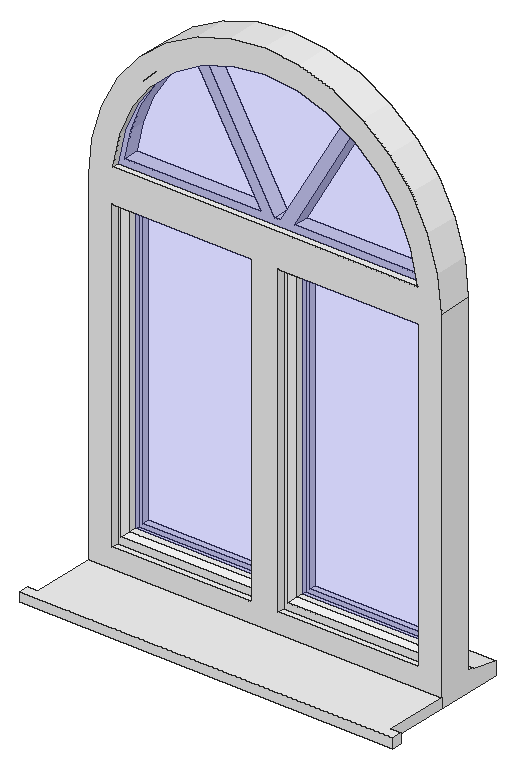
Revit family "764d20b72a4340a2bb9dbd4bd4aadc63", category Windows, host Wall, Revit 2025
Family settings
  Host = Wall
  Always vertical = Yes
  Cut with Voids When Loaded = No
  Shared = No
  Room Calculation Point = No
Parameters (values of type "910x910mm")
  Wrap Layers (Ext) from Ext = 102.5 mm
  Wrap Layers (Int) from Ext = 177.5 mm
  Window Board Projection = 25.0 mm
  Window Board Extension = 25.0 mm
  Visual Light Transmittance = 0.9
  Vis - Cavity Closers = yes
  Solar Heat Gain Coefficient = 0.78
  Rough Width = Width  # 910.0 mm
  Rough Height = Height  # 910.0 mm
  Operation = "UserDefined"
  Define Thermal Properties by = Schematic Type
  Construction Type Id = "GSP4R"
  Material Trim = Window Frame
  Material Glass = Glass
  Material Frame = Window Frame
  Manufacturer = "Revit"
  Keynote = "L10"
  Height = 910.0 mm
  Wall Closure = By host
  Width = 910.0 mm
  Heat Transfer Coefficient (U) = 3.6886 W/(m²·K)
  Glazing Thickness = 24.0 mm
  FrameOffset - External = 50.0 mm
  Frame Depth = 68.0 mm
  Default Head Height = 2110.0 mm
  Cill Depth = 87.5 mm
  Cavity Closer Width = 50.0 mm
  Cavity Closer Offset from Ext = 102.5 mm
  Cavity Closer Depth = 85.0 mm
  Analytic Construction = "1/8 in Pilkington single glazing"
Types (7, lengths in mm): name | Rough Width | Rough Height | Height | Width
  (no name) | 910.0 | 910.0 | 910.0 | 910.0
  910x910mm | 910.0 | 910.0 | 910.0 | 910.0
  910x1210mm | 910.0 | 1210.0 | 1210.0 | 910.0
  1360x910mm | 1360.0 | 910.0 | 910.0 | 1360.0
  1360x1210mm | 1360.0 | 1210.0 | 1210.0 | 1360.0
  1810x910mm | 1810.0 | 910.0 | 910.0 | 1810.0
  1810x1210mm | 1810.0 | 1210.0 | 1210.0 | 1810.0
Reference planes
  plane 1: y = 0
  plane 2 "Center (Left/Right)": x = -285
  plane 3 "Left": x = -740
  plane 4 "Right": x = 170
  plane 5 "Cill": z = 1200
  plane 6 "Head": z = 2110
  plane 7 "Exterior": y = 158.457
  plane 8 "Interior": y = -141.543
  plane 9 "Back of Window": y = 40.457
  plane 10 "Wall Closure": y = 55.957
  plane 11 "Front Cill": y = 195.957
  plane 12 "Front Window Board": y = -166.543
  plane 13 "RHS Window Board": x = 195
  plane 14 "LHS Window Board": x = -765
  plane 15 "Ext Leaf Back": y = 55.957
  plane 16 "Face Window": y = 108.457
  plane 17 "C/L window": y = 45.457
  plane 18: z = 1655
  plane 19: y = 22.957
  plane 20: y = 67.957
  plane 21: y = -19.043
Forms (mm)
  Extrusion 1, solid, material "Window Frame" <- "Material Trim", detail levels medium+fine
    sketch origin (0, 0, 1200) x (0, -1, 0) y (-1, 0, 0)
      loop
        line (141.543, 765) -> (141.543, 740) -> (-22.457, 740) -> (-22.457, -170) -> (141.543, -170) -> (141.543, -195) -> (166.543, -195) -> (166.543, 765) -> (141.543, 765)
    from 0 to -25
  Extrusion 2, solid, material "Window Frame" <- "Material Frame"
    sketch origin (-285, 0, 0) x (0, 1, 0) y (0, 0, 1)
      loop
        line (22.457, 1200) -> (195.957, 1200) -> (195.957, 1233.809) -> (123.457, 1246.555) -> (123.457, 1250.271) -> (108.457, 1251) -> (108.457, 1263) -> (40.457, 1263) -> (40.457, 1275) -> (22.457, 1275) -> (22.457, 1200)
    from 455 to -455
  Sweep 3, solid, material "Window Frame" <- "Material Frame"
    path origin (0, 40.457, 0) x (1, 0, 0) y (0, 0, 1)
      loop
        line (-740, 1263) -> (-740, 2110)
        arc (-740, 2110) -> (-285, 2565) -> (170, 2110) r 455
        line (170, 2110) -> (170, 1263)
    profile origin (0, 0, 1686.5) x (-1, 0, 0) y (0, -1, 0)
      loop
        line (740, -22.457) -> (680, -22.457) -> (680, -40.457) -> (700, -40.457) -> (700, -108.457) -> (740, -108.457) -> (740, -22.457)
  Extrusion 4, solid, material "Window Frame" <- "Material Frame"
    sketch origin (-285, 0, 0) x (0, 1, 0) y (0, 0, 1)
      loop
        line (40.457, 2067) -> (40.457, 2085) -> (108.457, 2085) -> (108.457, 2135) -> (40.457, 2135) -> (40.457, 2153) -> (22.457, 2153) -> (22.457, 2067) -> (40.457, 2067)
    from -415 to 415
  Extrusion 5, solid, material "Window Frame" <- "Material Frame"
    sketch origin (0, 0, 1200) x (0, -1, 0) y (-1, 0, 0)
      loop
        line (-22.457, 318) -> (-40.457, 318) -> (-40.457, 300) -> (-108.457, 300) -> (-108.457, 270) -> (-40.457, 270) -> (-40.457, 252) -> (-22.457, 252) -> (-22.457, 318)
    from -885 to -63
  Sweep 6, solid, material "Window Frame" <- "Material Frame"
    path origin (-740, 108.457, 1263) x (0, 0, 1) y (1, 0, 0)
      loop
        line (822, 870) -> (0, 870) -> (0, 470) -> (822, 470) -> (822, 870)
    profile origin (130, 108.457, 1674) x (1, 0, 0) y (0, 1, 0)
      loop
        line (10, 0) -> (10, 5.774) -> (-0.785, 11.547) -> (-22.554, 11.547) -> (-40, 5.774) -> (-40, -12) -> (-30, -12) -> (-30, -36) -> (-40, -36) -> (-40, -53.507) -> (-29.852, -68) -> (0, -68) -> (0, 0) -> (10, 0)
  Sweep 7, solid, material "Window Frame" <- "Material Frame"
    path origin (-740, 108.457, 1263) x (0, 0, 1) y (1, 0, 0)
      loop
        line (822, 440) -> (0, 440) -> (0, 40) -> (822, 40) -> (822, 440)
    profile origin (-700, 108.457, 1674) x (0, 1, 0) y (-1, 0, 0)
      loop
        line (0, 10) -> (0, 0) -> (-68, 0) -> (-68, -29.852) -> (-53.507, -40) -> (-36, -40) -> (-36, -30) -> (-12, -30) -> (-12, -40) -> (5.774, -40) -> (11.547, -22.554) -> (11.547, -0.785) -> (5.774, 10) -> (0, 10)
  Extrusion 8, solid, material "Glass" <- "Material Glass"
    sketch origin (-330, 96.457, 2055) x (-1, 0, 0) y (0, 0, -1)
      loop
        line (0, 0) -> (340, 0) -> (340, 762) -> (0, 762) -> (0, 0)
      loop
        line (-89.852, -0.148) -> (-89.852, 762) -> (-430, 762) -> (-430, -0.148) -> (-89.852, -0.148)
    from 0 to 24 <- "Glazing Thickness"
  Extrusion 9, solid, material "Glass" <- "Material Glass"
    sketch origin (0, 40.457, 0) x (1, 0, 0) y (0, 0, 1)
      loop
        arc (129.246, 2135) -> (-285, 2525) -> (-699.246, 2135) r 415
        line (-699.246, 2135) -> (129.246, 2135)
    from 0 to -24
  Sweep 10, solid, material "Window Frame" <- "Material Frame"
    path origin (0, 90.457, 0) x (1, 0, 0) y (0, 0, 1)
      loop
        line (-699.246, 2135) -> (129.246, 2135)
        arc (129.246, 2135) -> (-285, 2525) -> (-699.246, 2135) r 415
    profile origin (-285, 90.457, 2135) x (0, 0, 1) y (0, -1, 0)
      loop
        line (0, -13) -> (18, -13) -> (18, 26) -> (0, 26) -> (0, -13)
  Extrusion 11, solid, material "Window Frame" <- "Material Frame"
    sketch origin (0, 108.457, 0) x (1, 0, 0) y (0, 0, 1)
      loop
        line (-242.853, 2153) -> (-73.651, 2446.067)
        arc (-73.651, 2446.067) -> (-86.5, 2453.812) -> (-99.632, 2461.067) r 397
        line (-99.632, 2461.067) -> (-277.494, 2153) -> (-242.853, 2153)
      loop
        line (-292.506, 2153) -> (-470.368, 2461.067)
        arc (-470.368, 2461.067) -> (-483.5, 2453.812) -> (-496.349, 2446.067) r 397
        line (-496.349, 2446.067) -> (-327.147, 2153) -> (-292.506, 2153)
    from 5 to 44
Cuts and joins
  joined: Extrusion 2, Sweep 3, Extrusion 4, Extrusion 5
  joined: Sweep 10, Extrusion 11
Lines and regions (mm)
  Opening 1
    outline origin (-5000, -141.543, 0) x (1, 0, 0) y (0, 0, 1)
      loop
        line (5170, 1200) -> (5170, 2110)
        arc (5170, 2110) -> (4715, 2565) -> (4260, 2110) r 455
        line (4260, 2110) -> (4260, 1200) -> (5170, 1200)
  Masking region 1
    outline origin (0, 0, 1200) x (0, -1, 0) y (1, 0, 0)
      loop
        line (-22.457, -740) -> (-22.457, 170) -> (-195.957, 170) -> (-195.957, -740) -> (-22.457, -740)
  Masking region 2, detail levels medium+fine
    outline origin (130, 108.457, 2135) x (-1, 0, 0) y (0, -1, 0)
      loop
        line (870, 86) -> (870, 250) -> (895, 250) -> (895, 275) -> (-65, 275) -> (-65, 250) -> (-40, 250) -> (-40, 86) -> (870, 86)
  symbolic lines, style "Windows"
    curve 1: line (-740, 22.457, 0) -> (170, 22.457, 0)
    curve 2: line (-740, 108.457, 0) -> (-740, 22.457, 0)
    curve 3: line (170, 108.457, 0) -> (-740, 108.457, 0)
    curve 4: line (170, 22.457, 0) -> (170, 108.457, 0)
    curve 5: line (-680, 22.457, 0) -> (-680, 108.457, 0)
    curve 6: line (110, 22.457, 0) -> (110, 108.457, 0)
    curve 7: line (-680, 65.457, 0) -> (110, 65.457, 0)
  symbolic lines, style "Cavity Closer", visible <- "Vis - Cavity Closers", detail levels medium+fine
    curve 8: line (-740, 55.957, 0) -> (-790, 55.957, 0)
    curve 9: line (-740, -29.043, 0) -> (-740, 55.957, 0)
    curve 10: line (-790, -29.043, 0) -> (-740, -29.043, 0)
    curve 11: line (-790, 55.957, 0) -> (-790, -29.043, 0)
    curve 12: line (-740, -29.043, 0) -> (-790, 55.957, 0)
    curve 13: line (-790, -29.043, 0) -> (-740, 55.957, 0)
    curve 14: line (170, 55.957, 0) -> (220, 55.957, 0)
    curve 15: line (170, -29.043, 0) -> (170, 55.957, 0)
    curve 16: line (220, -29.043, 0) -> (170, -29.043, 0)
    curve 17: line (220, 55.957, 0) -> (220, -29.043, 0)
    curve 18: line (170, -29.043, 0) -> (220, 55.957, 0)
    curve 19: line (220, -29.043, 0) -> (170, 55.957, 0)
  symbolic lines, style "WindowsSillHeadProjection"
    curve 20: line (170, 195.957, 0) -> (-740, 195.957, 0)
    curve 21: line (-740, 195.957, 0) -> (-740, 158.457, 0)
    curve 22: line (170, 158.457, 0) -> (170, 195.957, 0)
  symbolic lines, style "InvisibleLines"
    curve 23: line (-285, 0, 2110) -> (-100, 0, 2430.429)
    curve 24: line (-285, 0, 2110) -> (-465, 0, 2421.769)
  symbolic lines, style "Elevation Swing"
    curve 25: line (-230, 0, 2045) -> (90, 0, 1655)
    curve 26: line (90, 0, 1655) -> (-230, 0, 1303)
    curve 27: line (-340, 0, 1303) -> (-660, 0, 1655)
    curve 28: line (-660, 0, 1655) -> (-340, 0, 2045)
Text (mm)
  text "EXTERIOR" at (-1415.209, 454.062, 0), in view "Ref. Level"
  text "INTERIOR" at (-1415.209, -367.981, 0), in view "Ref. Level"
  text "Exterior" at (0, 923.751, 2943.296), in view "Right"
  text "Exterior" at (0, 1040.484, 2685.409), in view "Left"
Dimensions and locks
  equal spacing: plane 3 "Left", plane 2 "Center (Left/Right)", plane 4 "Right"
  "Width": plane 3 "Left" to plane 4 "Right"
  "Height": plane 5 "Cill" to plane 6 "Head"
  "Default Head Height": plane 6 "Head" to level
  locked: plane 7 "Exterior" to host wall
  locked: plane 8 "Interior" to host wall
  "Window Board Projection": plane 12 "Front Window Board" to plane 8 "Interior"
  "Window Board Extension": plane 14 "LHS Window Board" to plane 3 "Left"
  "Window Board Extension": plane 4 "Right" to plane 13 "RHS Window Board"
  "Cavity Closer Offset from Ext": plane 15 "Ext Leaf Back" to plane 7 "Exterior"
  Extrusion 2 sketch curve to Extrusion 2 sketch curve = 12.0 mm
  equal spacing: curve 3, curve 7, curve 1
  "Cavity Closer Depth": curve 8 to curve 10
  "Cavity Closer Width": curve 11 to plane 3 "Left"
  "Cavity Closer Depth": curve 14 to curve 16
  "Cavity Closer Width": plane 4 "Right" to curve 17
  "Cill Depth": plane 16 "Face Window" to plane 11 "Front Cill"
  equal spacing: plane 5 "Cill", plane 18, plane 6 "Head"
  locked: Extrusion 2 sketch curve to plane 9 "Back of Window" at 18
  locked: Extrusion 2 sketch curve to Extrusion 2 sketch curve at 15
  "Cill Depth": Extrusion 2 sketch curve to Extrusion 2 sketch curve
  locked: Sweep 6 sketch curve to Sweep 6 sketch curve at 5.774
  locked: Sweep 6 sketch curve to Sweep 6 sketch curve at 17.774
  "Glazing Thickness": Sweep 6 sketch curve to Sweep 6 sketch curve
  locked: Sweep 6 sketch curve to Sweep 6 sketch curve at 10
  locked: plane 9 "Back of Window" to Sweep 6 sketch curve at 14.493
  locked: Sweep 7 sketch curve to Sweep 7 sketch curve at 5.774
  locked: Sweep 7 sketch curve to Sweep 7 sketch curve at 17.774
  "Glazing Thickness": Sweep 7 sketch curve to Sweep 7 sketch curve
  locked: Sweep 7 sketch curve to Sweep 7 sketch curve at 10
  locked: Sweep 7 sketch curve to Sweep 7 sketch curve at 14.493
  "Glazing Thickness": plane 9 "Back of Window" to Extrusion 9
  "Glazing Thickness": plane 9 "Back of Window" to Sweep 10 sketch curve
  locked: Sweep 10 sketch curve to cut or joined group of Extrusion 2, Sweep 3, Extrusion 4, Extrusion 5 at 5
  "FrameOffset - External": plane 16 "Face Window" to plane 7 "Exterior"
  "Frame Depth": plane 9 "Back of Window" to plane 16 "Face Window"
  equal spacing: Extrusion 11 sketch curve, curve 23, Extrusion 11 sketch curve
  Extrusion 11 sketch curve to Extrusion 11 sketch curve = 30.0 mm  (x2)
  equal spacing: Extrusion 11 sketch curve, curve 24, Extrusion 11 sketch curve
  "Wrap Layers (Ext) from Ext": plane 10 "Wall Closure" to plane 7 "Exterior"
  "Wrap Layers (Int) from Ext": plane 21 to plane 7 "Exterior"
  locked: plane 3 "Left" to curve 5 at 60
  locked: curve 6 to plane 4 "Right" at 60
  locked: plane 3 "Left" to Sweep 3 sketch curve at 40
  locked: Sweep 3 sketch curve to Sweep 3 sketch curve at 20
  equal spacing: Extrusion 4 sketch curve, plane 6 "Head", Extrusion 4 sketch curve
  locked: Extrusion 4 sketch curve to Extrusion 4 sketch curve at 50
  locked: curve 23 to plane 6 "Head" (angle 60.00°)
  locked: plane 6 "Head" to curve 24 (angle 60.00°)
  aligned and locked: plane 3 "Left" to Extrusion 1 sketch curve
  aligned and locked: Extrusion 1 sketch curve to plane 8 "Interior"  (x2)
  aligned and locked: Extrusion 1 sketch curve to plane 13 "RHS Window Board"
  aligned and locked: Extrusion 1 to plane 12 "Front Window Board"
  aligned and locked: plane 14 "LHS Window Board" to Extrusion 1 sketch curve
  aligned and locked: Extrusion 2 sketch curve to plane 5 "Cill"
  aligned and locked: plane 3 "Left" to Extrusion 2
  aligned and locked: Extrusion 2 to plane 4 "Right"
  aligned and locked: plane 3 "Left" to nested 1
  aligned and locked: curve 9 to plane 3 "Left"
  aligned and locked: plane 4 "Right" to nested 2
  aligned and locked: curve 15 to plane 4 "Right"
  aligned and locked: Sweep 3 sketch curve to plane 9 "Back of Window"
  aligned and locked: plane 9 "Back of Window" to Extrusion 2 sketch curve
  aligned and locked: curve 20 to cut or joined group of Extrusion 2, Sweep 3, Extrusion 4, Extrusion 5
  aligned and locked: curve 21 to cut or joined group of Extrusion 2, Sweep 3, Extrusion 4, Extrusion 5
  aligned and locked: cut or joined group of Extrusion 2, Sweep 3, Extrusion 4, Extrusion 5 to curve 22
  aligned and locked: host wall to curve 22
  aligned and locked: Extrusion 4 sketch curve to plane 9 "Back of Window"  (x2)
  aligned and locked: cut or joined group of Extrusion 2, Sweep 3, Extrusion 4, Extrusion 5 to Extrusion 4 sketch curve  (x2)
  aligned and locked: Extrusion 4 to cut or joined group of Extrusion 2, Sweep 3, Extrusion 4, Extrusion 5
  aligned and locked: Extrusion 5 sketch curve to Extrusion 5 sketch curve
  aligned and locked: plane 9 "Back of Window" to Extrusion 5 sketch curve
  aligned and locked: Extrusion 5 sketch curve to cut or joined group of Extrusion 2, Sweep 3, Extrusion 4, Extrusion 5  (x2)
  aligned and locked: Extrusion 5 to cut or joined group of Extrusion 2, Sweep 3, Extrusion 4, Extrusion 5
  aligned and locked: Sweep 6 sketch curve to Sweep 6 sketch curve
  aligned and locked: plane 9 "Back of Window" to Sweep 6 sketch curve
  aligned and locked: Sweep 7 sketch curve to Sweep 7 sketch curve
  aligned and locked: plane 9 "Back of Window" to Sweep 7 sketch curve
  aligned and locked: cut or joined group of Extrusion 2, Sweep 3, Extrusion 4, Extrusion 5 to Extrusion 9 sketch curve
  aligned and locked: Sweep 10 sketch curve to cut or joined group of Extrusion 2, Sweep 3, Extrusion 4, Extrusion 5  (x2)
  aligned and locked: cut or joined group of Extrusion 2, Sweep 3, Extrusion 4, Extrusion 5 to Sweep 10 sketch curve
  aligned and locked: Extrusion 11 sketch curve to Sweep 10
  aligned and locked: Sweep 10 to Extrusion 11 sketch curve
  aligned and locked: Extrusion 11 to Extrusion 9
  aligned and locked: Extrusion 11 to Sweep 10
  aligned and locked: Extrusion 11 sketch curve to cut or joined group of Sweep 10, Extrusion 11
  aligned and locked: curve 1 to cut or joined group of Extrusion 2, Sweep 3, Extrusion 4, Extrusion 5
  aligned and locked: cut or joined group of Extrusion 2, Sweep 3, Extrusion 4, Extrusion 5 to curve 3
  aligned and locked: Opening 1 sketch curve to cut or joined group of Extrusion 2, Sweep 3, Extrusion 4, Extrusion 5
  aligned and locked: plane 15 "Ext Leaf Back" to nested 2
  aligned and locked: curve 14 to plane 15 "Ext Leaf Back"
  aligned and locked: nested 1 to plane 15 "Ext Leaf Back"
  aligned and locked: plane 15 "Ext Leaf Back" to curve 8
  aligned and locked: Masking region 1 sketch curve to plane 3 "Left"
  aligned and locked: Masking region 1 sketch curve to cut or joined group of Extrusion 2, Sweep 3, Extrusion 4, Extrusion 5
  aligned and locked: Masking region 1 sketch curve to plane 4 "Right"
  aligned and locked: Masking region 1 sketch curve to Extrusion 1
  aligned and locked: Extrusion 9 sketch curve to cut or joined group of Extrusion 2, Sweep 3, Extrusion 4, Extrusion 5
  aligned and locked: Sweep 3 sketch curve to plane 4 "Right"
  aligned and locked: cut or joined group of Extrusion 2, Sweep 3, Extrusion 4, Extrusion 5 to cut or joined group of Extrusion 2, Sweep 3, Extrusion 4, Extrusion 5  (x2)
  aligned and locked: plane 3 "Left" to Sweep 3 sketch curve
  aligned and locked: Masking region 2 sketch curve to plane 3 "Left"
  aligned and locked: plane 8 "Interior" to Masking region 2 sketch curve  (x2)
  aligned and locked: plane 13 "RHS Window Board" to Masking region 2 sketch curve
  aligned and locked: Masking region 2 sketch curve to plane 14 "LHS Window Board"
  aligned and locked: Masking region 2 sketch curve to plane 12 "Front Window Board"
Automatic sketch dimensions
  Extrusion 1 sketch curve to plane 4 "Right" = 0.0 mm
  plane 9 "Back of Window" to Extrusion 1 sketch curve = 18.0 mm
  Extrusion 1 sketch curve to plane 12 "Front Window Board" = 0.0 mm
  Sweep 3 sketch curve to profile plane = 0.0 mm
  plane 9 "Back of Window" to Sweep 3 sketch curve = 18.0 mm
  Extrusion 2 sketch curve to plane 5 "Cill" = 33.809 mm
  Extrusion 2 sketch curve to plane 5 "Cill" = 46.555 mm
  Extrusion 2 sketch curve to Extrusion 2 sketch curve = 3.716 mm
  Extrusion 2 sketch curve to Extrusion 2 sketch curve = 0.729 mm
  Extrusion 2 sketch curve to Extrusion 2 sketch curve = 12.0 mm
  Sweep 3 sketch curve to plane 6 "Head" = 0.0 mm
  Sweep 3 sketch curve to plane 5 "Cill" = 63.0 mm  (x2)
  plane 6 "Head" to Extrusion 4 sketch curve = 43.0 mm
  Extrusion 4 sketch curve to Extrusion 4 sketch curve = 18.0 mm
  Extrusion 5 sketch curve to plane 2 "Center (Left/Right)" = 33.0 mm
  Extrusion 5 sketch curve to plane 2 "Center (Left/Right)" = 15.0 mm
  plane 2 "Center (Left/Right)" to Extrusion 5 sketch curve = 15.0 mm
  Extrusion 5 sketch curve to Extrusion 5 sketch curve = 18.0 mm
  plane 6 "Head" to Sweep 6 sketch curve = 25.0 mm
  plane 2 "Center (Left/Right)" to Sweep 6 sketch curve = 15.0 mm
  Sweep 6 sketch curve to profile plane = 0.0 mm  (x2)
  profile plane to Sweep 6 sketch curve = 0.785 mm
  Sweep 6 sketch curve to Sweep 6 sketch curve = 21.77 mm
  profile plane to Sweep 6 sketch curve = 29.852 mm
  Sweep 6 sketch curve to profile plane = 12.0 mm
  Sweep 6 sketch curve to Sweep 6 sketch curve = 7.446 mm
  Sweep 6 sketch curve to profile plane = 10.0 mm
  Sweep 6 sketch curve to Sweep 6 sketch curve = 5.774 mm
  plane 6 "Head" to Sweep 7 sketch curve = 25.0 mm
  Sweep 7 sketch curve to plane 2 "Center (Left/Right)" = 15.0 mm
  Sweep 7 sketch curve to profile plane = 0.0 mm  (x2)
  Sweep 7 sketch curve to profile plane = 12.0 mm
  Sweep 7 sketch curve to Sweep 7 sketch curve = 5.774 mm
  profile plane to Sweep 7 sketch curve = 0.785 mm
  Sweep 7 sketch curve to Sweep 7 sketch curve = 21.77 mm
  Sweep 7 sketch curve to Sweep 7 sketch curve = 29.852 mm
  Sweep 7 sketch curve to Sweep 7 sketch curve = 7.446 mm
  Sweep 7 sketch curve to profile plane = 10.0 mm
  plane 2 "Center (Left/Right)" to Extrusion 8 sketch curve = 44.852 mm
  Extrusion 8 sketch curve to plane 2 "Center (Left/Right)" = 45.0 mm
  plane 6 "Head" to Extrusion 8 sketch curve = 55.0 mm
  plane 6 "Head" to Extrusion 8 sketch curve = 54.852 mm
  Sweep 10 sketch curve to profile plane = 0.0 mm
  curve 24 to plane 2 "Center (Left/Right)" = 0.0 mm
  curve 24 to plane 6 "Head" = 0.0 mm
  curve 28 to plane 18 = 0.0 mm
  curve 25 to plane 18 = 0.0 mm
  plane 6 "Head" to curve 25 = 65.0 mm
  plane 6 "Head" to curve 28 = 65.0 mm
  curve 27 to plane 2 "Center (Left/Right)" = 55.0 mm
  curve 28 to plane 2 "Center (Left/Right)" = 55.0 mm
  plane 2 "Center (Left/Right)" to curve 25 = 55.0 mm
  plane 2 "Center (Left/Right)" to curve 26 = 55.0 mm
  Extrusion 2 sketch curve to plane 16 "Face Window" = 0.0 mm
  Sweep 3 sketch curve to plane 9 "Back of Window" = 68.0 mm
  Extrusion 11 sketch curve to Extrusion 11 sketch curve = 0.0 mm
  curve 27 to plane 3 "Left" = 80.0 mm
  Sweep 7 sketch curve to plane 3 "Left" = 40.0 mm
  Extrusion 8 sketch curve to plane 3 "Left" = 70.0 mm
  plane 4 "Right" to curve 26 = 80.0 mm
  plane 4 "Right" to Sweep 6 sketch curve = 40.0 mm
  plane 4 "Right" to Extrusion 8 sketch curve = 70.0 mm
  curve 27 to plane 5 "Cill" = 103.0 mm
  curve 26 to plane 5 "Cill" = 103.0 mm
  Sweep 6 sketch curve to plane 5 "Cill" = 63.0 mm
  Sweep 7 sketch curve to plane 5 "Cill" = 63.0 mm
  Extrusion 8 sketch curve to plane 5 "Cill" = 93.0 mm
  Extrusion 8 sketch curve to Extrusion 8 sketch curve = 0.0 mm
  Opening 1 sketch curve to plane 5 "Cill" = 0.0 mm
  curve 3 to plane 3 "Left" = 0.0 mm
  curve 4 to plane 4 "Right" = 0.0 mm
  curve 21 to host wall = 0.0 mm
  Masking region 2 sketch curve to Masking region 2 sketch curve = 25.0 mm
  Extrusion 4 to Masking region 2 sketch curve = 18.0 mm
Nested families
  nested 1: "Cavity Closer" at (-790, 55.957, 0), visible <- "Vis - Cavity Closers", type "Cavity Closer", detail levels medium+fine
  nested 2: "Cavity Closer" at (220, 55.957, 0) x (-1, 0, 0) z (0, 0, 1), visible <- "Vis - Cavity Closers", type "Cavity Closer", detail levels medium+fine
Definition of nested family "Cavity Closer"
  Parameters
    Closer Width = 50.0 mm
    Closer Depth = 75.0 mm
  Reference planes
    plane 1 "Center (Front/Back)": y = 0
    plane 2: z = 0
    plane 3 "Center (Left/Right)": x = 0
    plane 4: x = 50, in view "Ref. Level"
    plane 5: y = -75, in view "Ref. Level"
  Lines and regions (mm)
    Masking region 1, in view "Ref. Level"
      outline origin (0, 0, 0) x (1, 0, 0) y (0, 1, 0)
        loop
          line (0, 0) -> (0, -75) -> (50, -75) -> (50, 0) -> (0, 0)
  Dimensions and locks
    "Closer Width": plane 3 "Center (Left/Right)" to plane 4
    "Closer Depth": plane 5 to plane 1 "Center (Front/Back)"
  Automatic sketch dimensions
    Masking region 1 sketch curve to plane 3 "Center (Left/Right)" = 0.0 mm
    Masking region 1 sketch curve to plane 4 = 0.0 mm
    Masking region 1 sketch curve to plane 5 = 0.0 mm
    Masking region 1 sketch curve to plane 1 "Center (Front/Back)" = 0.0 mm
